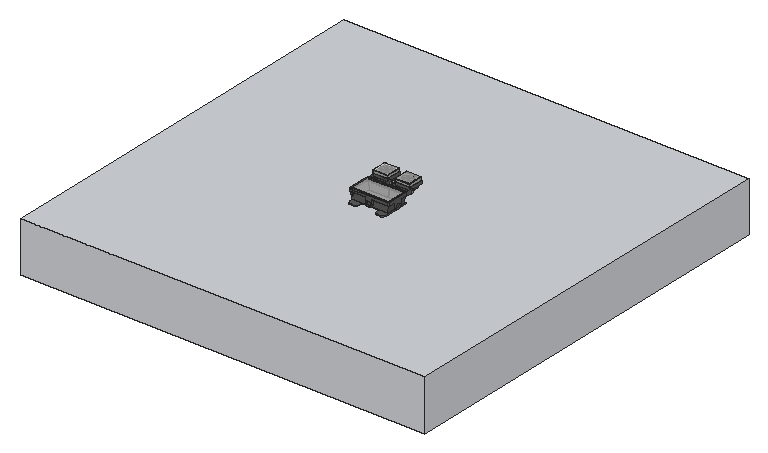
Revit family "Legrand Eclairage de Séurité_Bloc a Phare-SPOTLIGHT", category Luminaires, Revit 2021
Family settings
  Hôte = Face
  Cote de connecteur circulaire = Utiliser le diamètre
  Type d'élément = Normal
  Couper avec des vides une fois chargée = Non
  Source d'éclairage = Non
  Partagée = Non
  Repere pour localisation dans la piece = Non
Parameters (values of type "Spotlight Adressable 2500 lm 1H")
  état des accus = "Lithium-ion"
  source lumineuse = "LED non interchangeable"
  capacité des bornes = "1,5-2,5 mm2"
  URL = "https://www.legrand.fr/reference/660463/pro"
  Type de pictogramme = "autre"
  Type de connexion = "autre"
  Type de commutation = "Non permanent"
  Tension = "230 VAC"
  Temperature d'utilisation MIN-MAX = "0°C +35°C"
  Système de contrôle = "Auto-test automatique"
  Référence / Modèle = "662463"
  Puissance du système = 0.9 W
  Poids = ""
  Objet Connecté = no
  Mode de pose = "Montage en saillie (mur)"
  Matière = "Plastique"
  Longueur = 285.5 mm
  Long = 285.5 mm
  Largeur = 240 mm
  Large = 240 mm
  IP = "65"
  IK = "07"
  Hauteur = 93.5 mm
  Fréquence = "50/60 Hz"
  Fonction = "Éclairage d'évacuation et d'ambiance"
  Flux lumineux utile = 2500 lm
  Fabricant = "Legrand"
  Elévation par défaut = 2300 mm
  Description Produit = "BAP AVEC 2 PHARES A LEDS NON PERMANENT 2500LM 1H ADRESSABLE"
  Couleur = "Noir"
  Consommation en veille = 0 A
  Conditions Générale d'Utilisation = "https://export.legrand.com/CGU-objets-BIM"
  Code EAN = "3414972656085"
  Classe de protection = "II"
  Classe ETIM = "EC001957-Luminaire d'éclairage de sécurité"
  Batterie de rechange = "2 x 660977"
  Autonomie = "1 H"
  Alimentation de secours = "Autonome (batterie individuelle)"
  Adressable = yes
  2 phares 2500lm = yes
  2 phares 1500lm = no
  1 phare 1000lm = no
Types (9, lengths in mm): name | URL | Système de contrôle | Référence / Modèle | Puissance du système | Longueur | Long | Largeur | Large | Flux lumineux utile | Description Produit | Code EAN | Batterie de rechange | Autonomie | Adressable | 2 phares 2500lm | 2 phares 1500lm | 1 phare 1000lm
  (no name) | "https://www.legrand.fr/reference/660463/pro" | "Auto-test automatique" | "662463" | 0.9 W | 285.5 | 285.5 | 240 | 240 | 2500 lm | "BAP AVEC 2 PHARES A LEDS NON PERMANENT 2500LM 1H ADRESSABLE" | "3414972656085" | "2 x 660977" | "1 H" | yes | yes | no | no
  Spotlight Autotest 2500 lm 1H | "https://www.legrand.fr/reference/660463/pro" | "Auto-test automatique" | "660463" | 0.9 W | 285.5 | 285.5 | 240 | 240 | 2500 lm | "BAP AVEC 2 PHARES A LEDS NON PERMANENT 2500LM 1H AUTOTEST" | "3414972656030" | "2 x 660977" | "1 H" | no | yes | no | no
  Spotlight Autotest 1000 lm 1H | "https://www.legrand.fr/reference/660460/pro" | "Auto-test automatique" | "660460" | 0.7 W | 408.5 | 408.5 | 137 | 137 | 1000 lm | "BAP AVEC 1 PHARE A LEDS NON PERMANENT 1000LM 1H AUTOTEST" | "3414972656016" | "660976" | "1 H" | no | no | no | yes
  Spotlight Autotest 1500 lm 1H | "https://www.legrand.fr/reference/660462/pro" | "Auto-test automatique" | "660462" | 0.9 W | 285.5 | 285.5 | 240 | 240 | 1500 lm | "BAP AVEC 2 PHARES A LEDS NON PERMANENT 1500LM 1H AUTOTEST" | "3414972656023" | "1 x 660977" | "1 H" | no | no | yes | no
  Spotlight Autotest 1500 lm 2H | "https://www.legrand.fr/reference/660465/pro" | "Auto-test automatique" | "660465" | 0.9 W | 285.5 | 285.5 | 240 | 240 | 1500 lm | "BAP AVEC 2 PHARES A LEDS NON PERMANENT 1500LM 2H AUTOTEST" | "3414972656047" | "2 x 660977" | "2 H" | no | no | yes | no
  Spotlight Standard 1000 lm 1H | "https://www.legrand.fr/reference/661460/pro" | "Touche de contrôle" | "661460" | 0.7 W | 408.5 | 408.5 | 137 | 137 | 1000 lm | "BAP AVEC 1 PHARE A LEDS NON PERMANENT 1000LM 1H STANDARD" | "3414972656054" | "660976" | "1 H" | no | no | no | yes
  Spotlight Standard 1500 lm 1H | "https://www.legrand.fr/reference/661462/pro" | "Touche de contrôle" | "661462" | 0.9 W | 285.5 | 285.5 | 240 | 240 | 1500 lm | "BAP AVEC 2 PHARES A LEDS NON PERMANENT 1500LM 1H STANDARD" | "3414972656061" | "660977" | "1 H" | no | no | yes | no
  Spotlight Standard 2500 lm 1H | "https://www.legrand.fr/reference/661463/pro" | "Touche de contrôle" | "661463" | 0.9 W | 285.5 | 285.5 | 240 | 240 | 2500 lm | "BAP AVEC 2 PHARES A LEDS NON PERMANENT 2500LM 1H STANDARD" | "3414972656078" | "2 x 660977" | "1 H" | no | yes | no | no
  Spotlight Adressable 2500 lm 1H | "https://www.legrand.fr/reference/660463/pro" | "Auto-test automatique" | "662463" | 0.9 W | 285.5 | 285.5 | 240 | 240 | 2500 lm | "BAP AVEC 2 PHARES A LEDS NON PERMANENT 2500LM 1H ADRESSABLE" | "3414972656085" | "2 x 660977" | "1 H" | yes | yes | no | no
Reference planes
  plane 1 "Centre (avant/arrière)": y = 0
  plane 2 "Connecteur": z = 0
  plane 3 "Centre (gauche/droite)": x = 0
  plane 4: y = 142.75
  plane 5: y = -142.75
  plane 6: x = -120
  plane 7: x = 120
Forms (mm)
  Extrusion 1, solid
    sketch origin (0, 0, 0) x (1, 0, 0) y (0, 1, 0)
      loop
        line (-1219.2, 1219.2) -> (-1219.2, -1219.2) -> (1219.2, -1219.2) -> (1219.2, 1219.2) -> (-1219.2, 1219.2)
    from 0 to -304.8
  Extrusion 2, solid, material "LEGRAND - Plastique noir", visible <- "1 phare 1000lm"
    sketch origin (0, 0, 0) x (1, 0, 0) y (0, 1, 0)
      loop
        line (65.058, 89.327) -> (26.827, 89.327) -> (21.015, 115.516) -> (-21.015, 115.516) -> (-26.82, 89.327) -> (-65.058, 89.327) -> (-65.058, 45.28) -> (-58.5, 38.722) -> (-58.5, -23.048) -> (-51.942, -29.606) -> (-51.942, -89.488) -> (-58.5, -96.045) -> (-58.5, -157.983) -> (-65.058, -164.541) -> (-65.058, -194.25)
        arc (-65.058, -194.25) -> (-62.129, -201.321) -> (-55.058, -204.25) r 10
        line (-55.058, -204.25) -> (55.058, -204.25)
        arc (55.058, -204.25) -> (62.129, -201.321) -> (65.058, -194.25) r 10
        line (65.058, -194.25) -> (65.058, -164.541) -> (58.5, -157.983) -> (58.5, -96.045) -> (51.942, -89.488) -> (51.942, -29.606) -> (58.5, -23.048) -> (58.5, 38.722) -> (65.058, 45.28) -> (65.058, 89.327)
    from 0 to 1.498
  Extrusion 3, solid, material "LEGRAND - Plastique noir", visible <- "1 phare 1000lm"
    sketch origin (0, 0, 0) x (0, 1, 0) y (0, 0, 1)
      loop
        line (-89.488, 1.497) -> (-29.605, 1.497) -> (-29.605, 2.894)
        arc (-29.605, 2.894) -> (-30.777, 5.722) -> (-33.605, 6.894) r 4
        line (-33.605, 6.894) -> (-85.488, 6.894)
        arc (-85.488, 6.894) -> (-88.316, 5.722) -> (-89.488, 2.894) r 4
        line (-89.488, 2.894) -> (-89.488, 1.497)
    from -51.942 to -50.4
  Extrusion 4, solid, material "LEGRAND - Plastique noir", visible <- "1 phare 1000lm"
    sketch origin (0, 0, 0) x (0, 1, 0) y (0, 0, -1)
      loop
        line (-89.488, -1.497) -> (-89.488, -2.894)
        arc (-89.488, -2.894) -> (-88.316, -5.722) -> (-85.488, -6.894) r 4
        line (-85.488, -6.894) -> (-33.605, -6.894)
        arc (-33.605, -6.894) -> (-30.777, -5.722) -> (-29.605, -2.894) r 4
        line (-29.605, -2.894) -> (-29.605, -1.497) -> (-89.488, -1.497)
    from -51.942 to -50.4
  Extrusion 5, solid, material "LEGRAND - Plastique noir", visible <- "1 phare 1000lm"
    sketch origin (0, 0, 0) x (1, 0, 0) y (0, 0, 1)
      loop
        line (-65.058, 56.477) -> (-65.058, 0) -> (-39.058, 0) -> (-39.058, 41.496) -> (39.058, 41.496) -> (39.058, 0) -> (65.058, 0) -> (65.058, 56.477)
        arc (65.058, 56.477) -> (62.129, 63.548) -> (55.058, 66.477) r 10
        line (55.058, 66.477) -> (-55.058, 66.477)
        arc (-55.058, 66.477) -> (-62.129, 63.548) -> (-65.058, 56.477) r 10
    from -89.327 to -87.8
  Extrusion 6, solid, material "LEGRAND - Plastique noir 31", visible <- "2 phares 1500lm"
    sketch origin (0, 0, 0) x (1, 0, 0) y (0, 1, 0)
      loop
        arc (-15.001, 53.249) -> (-21.506, 51.504) -> (-26.265, 46.738) r 13
        line (-26.265, 46.738) -> (-40.948, 21.251) -> (-50.001, 21.251) -> (-50.001, 27.827) -> (-110.002, 27.827) -> (-110.002, -120.787) -> (-104.64, -135.514)
        arc (-104.64, -135.514) -> (-100.612, -140.761) -> (-94.304, -142.75) r 11
        line (-94.304, -142.75) -> (-69.705, -142.75)
        arc (-69.705, -142.75) -> (-63.396, -140.76) -> (-59.368, -135.511) r 11
        line (-59.368, -135.511) -> (-47.811, -103.746) -> (47.803, -103.746) -> (59.361, -135.511)
        arc (59.361, -135.511) -> (63.388, -140.76) -> (69.698, -142.75) r 11
        line (69.698, -142.75) -> (94.294, -142.75)
        arc (94.294, -142.75) -> (100.603, -140.761) -> (104.63, -135.514) r 11
        line (104.63, -135.514) -> (110, -120.766) -> (110, 27.827) -> (49.999, 27.827) -> (49.999, 21.251) -> (40.977, 21.251) -> (26.251, 46.75)
        arc (26.251, 46.75) -> (21.492, 51.508) -> (14.993, 53.249) r 13
        line (14.993, 53.249) -> (-15.001, 53.249)
    from 0 to 1.498
  Extrusion 7, solid, material "LEGRAND - Plastique noir 31", visible <- "2 phares 1500lm"
    sketch origin (0, 0, 0) x (1, 0, 0) y (0, 0, 1)
      loop
        line (19, 1.498) -> (19, 3.894)
        arc (19, 3.894) -> (18.121, 6.015) -> (16, 6.894) r 3
        line (16, 6.894) -> (-16, 6.894)
        arc (-16, 6.894) -> (-18.121, 6.015) -> (-19, 3.894) r 3
        line (-19, 3.894) -> (-19, 1.498) -> (19, 1.498)
    from 102.251 to 103.746
  Extrusion 8, solid, material "LEGRAND - Plastique noir 31", visible <- "2 phares 1500lm"
    sketch origin (0, 0, 0) x (1, 0, 0) y (0, 0, 1)
      loop
        line (19, 1.498) -> (19, 3.894)
        arc (19, 3.894) -> (18.121, 6.015) -> (16, 6.894) r 3
        line (16, 6.894) -> (-16, 6.894)
        arc (-16, 6.894) -> (-18.121, 6.015) -> (-19, 3.894) r 3
        line (-19, 3.894) -> (-19, 1.498) -> (19, 1.498)
    from -6.251 to -4.8
  Extrusion 9, solid, material "LEGRAND - Plastique noir 31", visible <- "2 phares 1500lm"
    sketch origin (0, 0, 0) x (1, 0, 0) y (0, 0, 1)
      loop
        line (-110.002, 1.498) -> (-50.001, 1.498) -> (-50.001, 15.498) -> (-59.49, 60.14)
        arc (-59.49, 60.14) -> (-62.28, 64.694) -> (-67.315, 66.477) r 8
        line (-67.315, 66.477) -> (-92.688, 66.477)
        arc (-92.688, 66.477) -> (-97.723, 64.694) -> (-100.513, 60.14) r 8
        line (-100.513, 60.14) -> (-110.002, 15.498) -> (-110.002, 1.498)
      loop
        line (110.002, 1.498) -> (110.002, 15.498) -> (100.513, 60.14)
        arc (100.513, 60.14) -> (97.723, 64.694) -> (92.688, 66.477) r 8
        line (92.688, 66.477) -> (67.315, 66.477)
        arc (67.315, 66.477) -> (62.28, 64.694) -> (59.49, 60.14) r 8
        line (59.49, 60.14) -> (50.001, 15.498) -> (50.001, 1.498) -> (110.002, 1.498)
    from -27.827 to -26.255
  Extrusion 10, solid, material "LEGRAND - Plastique noir 31", visible <- "2 phares 1500lm", not visible
    sketch origin (0, 0, 0) x (1, 0, 0) y (0, 1, 0)
      loop
        arc (-15.001, 53.249) -> (-21.506, 51.504) -> (-26.265, 46.738) r 13
        line (-26.265, 46.738) -> (-40.948, 21.251) -> (-50.001, 21.251) -> (-50.001, 27.827) -> (-110.002, 27.827) -> (-110.002, -120.787) -> (-104.64, -135.514)
        arc (-104.64, -135.514) -> (-100.612, -140.761) -> (-94.304, -142.75) r 11
        line (-94.304, -142.75) -> (-69.705, -142.75)
        arc (-69.705, -142.75) -> (-63.396, -140.76) -> (-59.368, -135.511) r 11
        line (-59.368, -135.511) -> (-47.811, -103.746) -> (47.803, -103.746) -> (59.361, -135.511)
        arc (59.361, -135.511) -> (63.388, -140.76) -> (69.698, -142.75) r 11
        line (69.698, -142.75) -> (94.294, -142.75)
        arc (94.294, -142.75) -> (100.603, -140.761) -> (104.63, -135.514) r 11
        line (104.63, -135.514) -> (110, -120.766) -> (110, 27.827) -> (49.999, 27.827) -> (49.999, 21.251) -> (40.977, 21.251) -> (26.251, 46.75)
        arc (26.251, 46.75) -> (21.492, 51.508) -> (14.993, 53.249) r 13
        line (14.993, 53.249) -> (-15.001, 53.249)
    from 0 to 1.498
  Extrusion 11, solid, material "LEGRAND - Plastique noir 31", visible <- "2 phares 1500lm", not visible
    sketch origin (0, 0, 0) x (1, 0, 0) y (0, 0, 1)
      loop
        line (19, 1.498) -> (19, 3.894)
        arc (19, 3.894) -> (18.121, 6.015) -> (16, 6.894) r 3
        line (16, 6.894) -> (-16, 6.894)
        arc (-16, 6.894) -> (-18.121, 6.015) -> (-19, 3.894) r 3
        line (-19, 3.894) -> (-19, 1.498) -> (19, 1.498)
    from 102.251 to 103.746
  Extrusion 12, solid, material "LEGRAND - Plastique noir 31", visible <- "2 phares 1500lm", not visible
    sketch origin (0, 0, 0) x (1, 0, 0) y (0, 0, 1)
      loop
        line (19, 1.498) -> (19, 3.894)
        arc (19, 3.894) -> (18.121, 6.015) -> (16, 6.894) r 3
        line (16, 6.894) -> (-16, 6.894)
        arc (-16, 6.894) -> (-18.121, 6.015) -> (-19, 3.894) r 3
        line (-19, 3.894) -> (-19, 1.498) -> (19, 1.498)
    from -6.251 to -4.8
  Extrusion 13, solid, material "LEGRAND - Plastique noir 31", visible <- "2 phares 1500lm", not visible
    sketch origin (0, 0, 0) x (1, 0, 0) y (0, 0, 1)
      loop
        line (-110.002, 1.498) -> (-50.001, 1.498) -> (-50.001, 15.498) -> (-59.49, 60.14)
        arc (-59.49, 60.14) -> (-62.28, 64.694) -> (-67.315, 66.477) r 8
        line (-67.315, 66.477) -> (-92.688, 66.477)
        arc (-92.688, 66.477) -> (-97.723, 64.694) -> (-100.513, 60.14) r 8
        line (-100.513, 60.14) -> (-110.002, 15.498) -> (-110.002, 1.498)
      loop
        line (110.002, 1.498) -> (110.002, 15.498) -> (100.513, 60.14)
        arc (100.513, 60.14) -> (97.723, 64.694) -> (92.688, 66.477) r 8
        line (92.688, 66.477) -> (67.315, 66.477)
        arc (67.315, 66.477) -> (62.28, 64.694) -> (59.49, 60.14) r 8
        line (59.49, 60.14) -> (50.001, 15.498) -> (50.001, 1.498) -> (110.002, 1.498)
    from -27.827 to -26.255
  Extrusion 14, solid, material "LEGRAND - Plastique noir", visible <- "1 phare 1000lm", not visible
    sketch origin (0, 0, 0) x (1, 0, 0) y (0, 1, 0)
      loop
        line (65.058, 89.327) -> (26.827, 89.327) -> (21.015, 115.516) -> (-21.015, 115.516) -> (-26.82, 89.327) -> (-65.058, 89.327) -> (-65.058, 45.28) -> (-58.5, 38.722) -> (-58.5, -23.048) -> (-51.942, -29.606) -> (-51.942, -89.488) -> (-58.5, -96.045) -> (-58.5, -157.983) -> (-65.058, -164.541) -> (-65.058, -194.25)
        arc (-65.058, -194.25) -> (-62.129, -201.321) -> (-55.058, -204.25) r 10
        line (-55.058, -204.25) -> (55.058, -204.25)
        arc (55.058, -204.25) -> (62.129, -201.321) -> (65.058, -194.25) r 10
        line (65.058, -194.25) -> (65.058, -164.541) -> (58.5, -157.983) -> (58.5, -96.045) -> (51.942, -89.488) -> (51.942, -29.606) -> (58.5, -23.048) -> (58.5, 38.722) -> (65.058, 45.28) -> (65.058, 89.327)
    from 0 to 1.498
  Extrusion 15, solid, material "LEGRAND - Plastique noir", visible <- "1 phare 1000lm", not visible
    sketch origin (0, 0, 0) x (0, 1, 0) y (0, 0, 1)
      loop
        line (-89.488, 1.497) -> (-29.605, 1.497) -> (-29.605, 2.894)
        arc (-29.605, 2.894) -> (-30.777, 5.722) -> (-33.605, 6.894) r 4
        line (-33.605, 6.894) -> (-85.488, 6.894)
        arc (-85.488, 6.894) -> (-88.316, 5.722) -> (-89.488, 2.894) r 4
        line (-89.488, 2.894) -> (-89.488, 1.497)
    from -51.942 to -50.4
  Extrusion 16, solid, material "LEGRAND - Plastique noir", visible <- "1 phare 1000lm", not visible
    sketch origin (0, 0, 0) x (0, 1, 0) y (0, 0, -1)
      loop
        line (-89.488, -1.497) -> (-89.488, -2.894)
        arc (-89.488, -2.894) -> (-88.316, -5.722) -> (-85.488, -6.894) r 4
        line (-85.488, -6.894) -> (-33.605, -6.894)
        arc (-33.605, -6.894) -> (-30.777, -5.722) -> (-29.605, -2.894) r 4
        line (-29.605, -2.894) -> (-29.605, -1.497) -> (-89.488, -1.497)
    from -51.942 to -50.4
  Extrusion 17, solid, material "LEGRAND - Plastique noir", visible <- "1 phare 1000lm", not visible
    sketch origin (0, 0, 0) x (1, 0, 0) y (0, 0, 1)
      loop
        line (-65.058, 56.477) -> (-65.058, 0) -> (-39.058, 0) -> (-39.058, 41.496) -> (39.058, 41.496) -> (39.058, 0) -> (65.058, 0) -> (65.058, 56.477)
        arc (65.058, 56.477) -> (62.129, 63.548) -> (55.058, 66.477) r 10
        line (55.058, 66.477) -> (-55.058, 66.477)
        arc (-55.058, 66.477) -> (-62.129, 63.548) -> (-65.058, 56.477) r 10
    from -89.327 to -87.8
  Extrusion 18, solid, material "LEGRAND - Plastique noir 31", visible <- "2 phares 2500lm"
    sketch origin (0, 0, 0) x (1, 0, 0) y (0, 1, 0)
      loop
        arc (-15.001, 53.249) -> (-21.506, 51.504) -> (-26.265, 46.738) r 13
        line (-26.265, 46.738) -> (-40.948, 21.251) -> (-50.001, 21.251) -> (-50.001, 27.827) -> (-110.002, 27.827) -> (-110.002, -120.787) -> (-104.64, -135.514)
        arc (-104.64, -135.514) -> (-100.612, -140.761) -> (-94.304, -142.75) r 11
        line (-94.304, -142.75) -> (-69.705, -142.75)
        arc (-69.705, -142.75) -> (-63.396, -140.76) -> (-59.368, -135.511) r 11
        line (-59.368, -135.511) -> (-47.811, -103.746) -> (47.803, -103.746) -> (59.361, -135.511)
        arc (59.361, -135.511) -> (63.388, -140.76) -> (69.698, -142.75) r 11
        line (69.698, -142.75) -> (94.294, -142.75)
        arc (94.294, -142.75) -> (100.603, -140.761) -> (104.63, -135.514) r 11
        line (104.63, -135.514) -> (110, -120.766) -> (110, 27.827) -> (49.999, 27.827) -> (49.999, 21.251) -> (40.977, 21.251) -> (26.251, 46.75)
        arc (26.251, 46.75) -> (21.492, 51.508) -> (14.993, 53.249) r 13
        line (14.993, 53.249) -> (-15.001, 53.249)
    from 0 to 1.498
Cuts and joins
  joined: Extrusion 2, Extrusion 3, Extrusion 4, Extrusion 5
  joined: Extrusion 7, Extrusion 9
Dimensions and locks
  equal spacing: plane 4, plane 1 "Centre (avant/arrière)", plane 5
  "Long": plane 4 to plane 5
  equal spacing: plane 6, plane 3 "Centre (gauche/droite)", plane 7
  "Large": plane 6 to plane 7
  aligned and locked: plane 2 "Connecteur" to Extrusion 1
  aligned and locked: level to Extrusion 1
Automatic sketch dimensions
  Extrusion 2 sketch curve to Extrusion 2 sketch curve = 6.558 mm  (x14)
  Extrusion 2 sketch curve to Extrusion 2 sketch curve = 5.812 mm
  Extrusion 2 sketch curve to Extrusion 2 sketch curve = 29.709 mm  (x2)
  Extrusion 2 sketch curve to Extrusion 2 sketch curve = 61.938 mm  (x2)
  Extrusion 2 sketch curve to Extrusion 2 sketch curve = 44.048 mm  (x2)
  Extrusion 2 sketch curve to Extrusion 2 sketch curve = 26.189 mm
  Extrusion 3 sketch curve to Extrusion 3 sketch curve = 4 mm  (x2)
  Extrusion 4 sketch curve to Extrusion 4 sketch curve = 4 mm  (x2)
  Extrusion 5 sketch curve to Extrusion 5 sketch curve = 26 mm  (x2)
  Extrusion 5 sketch curve to Extrusion 5 sketch curve = 41.496 mm  (x2)
  Extrusion 5 sketch curve to Extrusion 5 sketch curve = 14.981 mm
  Extrusion 5 sketch curve to Extrusion 5 sketch curve = 10 mm
  Extrusion 2 sketch curve to Extrusion 2 sketch curve = 0 mm
  Extrusion 2 sketch curve to Extrusion 2 sketch curve = 10 mm  (x2)
  Extrusion 2 sketch curve to Extrusion 2 sketch curve = 38.238 mm
  Extrusion 2 sketch curve to Extrusion 2 sketch curve = 5.805 mm
  Extrusion 2 sketch curve to Extrusion 2 sketch curve = 42.03 mm
  Extrusion 2 sketch curve to Extrusion 2 sketch curve = 103.885 mm
  Extrusion 2 sketch curve to Extrusion 2 sketch curve = 3.442 mm
  Extrusion 2 sketch curve to Extrusion 2 sketch curve = 59.882 mm  (x2)
  Extrusion 2 sketch curve to Extrusion 2 sketch curve = 61.77 mm  (x2)
  Extrusion 3 sketch curve to Extrusion 3 sketch curve = 51.883 mm
  Extrusion 3 sketch curve to Extrusion 3 sketch curve = 1.397 mm
  Extrusion 4 sketch curve to Extrusion 4 sketch curve = 51.883 mm
  Extrusion 4 sketch curve to Extrusion 4 sketch curve = 1.397 mm
  Extrusion 5 sketch curve to Extrusion 5 sketch curve = 78.115 mm
  Extrusion 5 sketch curve to Extrusion 5 sketch curve = 16 mm
  Extrusion 1 sketch curve to Extrusion 1 sketch curve = 2438.4 mm  (x2)
  Extrusion 6 sketch curve to Extrusion 6 sketch curve = 24.598 mm
  Extrusion 6 sketch curve to Extrusion 6 sketch curve = 11.558 mm  (x2)
  Extrusion 6 sketch curve to Extrusion 6 sketch curve = 9.053 mm
  Extrusion 6 sketch curve to Extrusion 6 sketch curve = 11.264 mm
  Extrusion 6 sketch curve to Extrusion 6 sketch curve = 11.257 mm
  Extrusion 6 sketch curve to Extrusion 6 sketch curve = 14.726 mm
  Extrusion 6 sketch curve to Extrusion 6 sketch curve = 9.022 mm
  Extrusion 6 sketch curve to Extrusion 6 sketch curve = 10.337 mm  (x2)
  Extrusion 6 sketch curve to Extrusion 6 sketch curve = 24.596 mm
  Extrusion 6 sketch curve to Extrusion 6 sketch curve = 14.727 mm
  Extrusion 6 sketch curve to Extrusion 6 sketch curve = 14.748 mm
  Extrusion 6 sketch curve to Extrusion 6 sketch curve = 6.576 mm  (x2)
  Extrusion 6 sketch curve to Extrusion 6 sketch curve = 18.997 mm
  Extrusion 6 sketch curve to Extrusion 6 sketch curve = 0 mm  (x3)
  Extrusion 6 sketch curve to Extrusion 6 sketch curve = 6.489 mm
  Extrusion 7 sketch curve to Extrusion 7 sketch curve = 3 mm  (x2)
  Extrusion 8 sketch curve to Extrusion 8 sketch curve = 3 mm  (x2)
  Extrusion 6 sketch curve to Extrusion 6 sketch curve = 31.765 mm
  Extrusion 9 sketch curve to Extrusion 9 sketch curve = 7.825 mm  (x4)
  Extrusion 9 sketch curve to Extrusion 9 sketch curve = 9.489 mm  (x4)
  Extrusion 9 sketch curve to Extrusion 9 sketch curve = 25.373 mm  (x2)
  Extrusion 9 sketch curve to Extrusion 9 sketch curve = 14 mm  (x4)
  Extrusion 9 sketch curve to Extrusion 9 sketch curve = 42.979 mm  (x2)
  Extrusion 9 sketch curve to Extrusion 9 sketch curve = 0 mm  (x3)
  Extrusion 9 sketch curve to Extrusion 9 sketch curve = 1.663 mm  (x2)
  Extrusion 6 sketch curve to Extrusion 6 sketch curve = 5.362 mm
  Extrusion 6 sketch curve to Extrusion 6 sketch curve = 10.336 mm  (x2)
  Extrusion 6 sketch curve to Extrusion 6 sketch curve = 60.002 mm
  Extrusion 6 sketch curve to Extrusion 6 sketch curve = 14.683 mm
  Extrusion 6 sketch curve to Extrusion 6 sketch curve = 29.994 mm
  Extrusion 6 sketch curve to Extrusion 6 sketch curve = 95.613 mm
  Extrusion 6 sketch curve to Extrusion 6 sketch curve = 60.001 mm
  Extrusion 6 sketch curve to Extrusion 6 sketch curve = 7.236 mm  (x2)
  Extrusion 6 sketch curve to Extrusion 6 sketch curve = 7.239 mm  (x2)
  Extrusion 6 sketch curve to Extrusion 6 sketch curve = 124.998 mm
  Extrusion 7 sketch curve to Extrusion 7 sketch curve = 32 mm
  Extrusion 7 sketch curve to Extrusion 7 sketch curve = 2.396 mm
  Extrusion 8 sketch curve to Extrusion 8 sketch curve = 32 mm
  Extrusion 8 sketch curve to Extrusion 8 sketch curve = 2.396 mm
  Extrusion 9 sketch curve to Extrusion 9 sketch curve = 100.001 mm
  Extrusion 10 sketch curve to Extrusion 10 sketch curve = 24.598 mm
  Extrusion 10 sketch curve to Extrusion 10 sketch curve = 11.558 mm  (x2)
  Extrusion 10 sketch curve to Extrusion 10 sketch curve = 9.053 mm
  Extrusion 10 sketch curve to Extrusion 10 sketch curve = 11.264 mm
  Extrusion 10 sketch curve to Extrusion 10 sketch curve = 11.257 mm
  Extrusion 10 sketch curve to Extrusion 10 sketch curve = 14.726 mm
  Extrusion 10 sketch curve to Extrusion 10 sketch curve = 9.022 mm
  Extrusion 10 sketch curve to Extrusion 10 sketch curve = 10.337 mm  (x2)
  Extrusion 10 sketch curve to Extrusion 10 sketch curve = 24.596 mm
  Extrusion 10 sketch curve to Extrusion 10 sketch curve = 14.727 mm
  Extrusion 10 sketch curve to Extrusion 10 sketch curve = 14.748 mm
  Extrusion 10 sketch curve to Extrusion 10 sketch curve = 6.576 mm  (x2)
  Extrusion 10 sketch curve to Extrusion 10 sketch curve = 18.997 mm
  Extrusion 10 sketch curve to Extrusion 10 sketch curve = 0 mm  (x3)
  Extrusion 10 sketch curve to Extrusion 10 sketch curve = 6.489 mm
  Extrusion 11 sketch curve to Extrusion 11 sketch curve = 3 mm  (x2)
  Extrusion 12 sketch curve to Extrusion 12 sketch curve = 3 mm  (x2)
  Extrusion 10 sketch curve to Extrusion 10 sketch curve = 31.765 mm
  Extrusion 13 sketch curve to Extrusion 13 sketch curve = 7.825 mm  (x4)
  Extrusion 13 sketch curve to Extrusion 13 sketch curve = 9.489 mm  (x4)
  Extrusion 13 sketch curve to Extrusion 13 sketch curve = 25.373 mm  (x2)
  Extrusion 13 sketch curve to Extrusion 13 sketch curve = 14 mm  (x4)
  Extrusion 13 sketch curve to Extrusion 13 sketch curve = 42.979 mm  (x2)
  Extrusion 13 sketch curve to Extrusion 13 sketch curve = 0 mm  (x3)
  Extrusion 13 sketch curve to Extrusion 13 sketch curve = 1.663 mm  (x2)
  Extrusion 10 sketch curve to Extrusion 10 sketch curve = 5.362 mm
  Extrusion 10 sketch curve to Extrusion 10 sketch curve = 10.336 mm  (x2)
  Extrusion 10 sketch curve to Extrusion 10 sketch curve = 60.002 mm
  Extrusion 10 sketch curve to Extrusion 10 sketch curve = 14.683 mm
  Extrusion 10 sketch curve to Extrusion 10 sketch curve = 29.994 mm
  Extrusion 10 sketch curve to Extrusion 10 sketch curve = 95.613 mm
  Extrusion 10 sketch curve to Extrusion 10 sketch curve = 60.001 mm
  Extrusion 10 sketch curve to Extrusion 10 sketch curve = 7.236 mm  (x2)
  Extrusion 10 sketch curve to Extrusion 10 sketch curve = 7.239 mm  (x2)
  Extrusion 10 sketch curve to Extrusion 10 sketch curve = 124.998 mm
  Extrusion 11 sketch curve to Extrusion 11 sketch curve = 32 mm
  Extrusion 11 sketch curve to Extrusion 11 sketch curve = 2.396 mm
  Extrusion 12 sketch curve to Extrusion 12 sketch curve = 32 mm
  Extrusion 12 sketch curve to Extrusion 12 sketch curve = 2.396 mm
  Extrusion 13 sketch curve to Extrusion 13 sketch curve = 100.001 mm
  Extrusion 14 sketch curve to Extrusion 14 sketch curve = 6.558 mm  (x14)
  Extrusion 14 sketch curve to Extrusion 14 sketch curve = 5.812 mm
  Extrusion 14 sketch curve to Extrusion 14 sketch curve = 29.709 mm  (x2)
  Extrusion 14 sketch curve to Extrusion 14 sketch curve = 61.938 mm  (x2)
  Extrusion 14 sketch curve to Extrusion 14 sketch curve = 44.048 mm  (x2)
  Extrusion 14 sketch curve to Extrusion 14 sketch curve = 26.189 mm
  Extrusion 15 sketch curve to Extrusion 15 sketch curve = 4 mm  (x2)
  Extrusion 16 sketch curve to Extrusion 16 sketch curve = 4 mm  (x2)
  Extrusion 17 sketch curve to Extrusion 17 sketch curve = 26 mm  (x2)
  Extrusion 17 sketch curve to Extrusion 17 sketch curve = 41.496 mm  (x2)
  Extrusion 17 sketch curve to Extrusion 17 sketch curve = 14.981 mm
  Extrusion 17 sketch curve to Extrusion 17 sketch curve = 10 mm
  Extrusion 14 sketch curve to Extrusion 14 sketch curve = 0 mm
  Extrusion 14 sketch curve to Extrusion 14 sketch curve = 10 mm  (x2)
  Extrusion 14 sketch curve to Extrusion 14 sketch curve = 38.238 mm
  Extrusion 14 sketch curve to Extrusion 14 sketch curve = 5.805 mm
  Extrusion 14 sketch curve to Extrusion 14 sketch curve = 42.03 mm
  Extrusion 14 sketch curve to Extrusion 14 sketch curve = 103.885 mm
  Extrusion 14 sketch curve to Extrusion 14 sketch curve = 3.442 mm
  Extrusion 14 sketch curve to Extrusion 14 sketch curve = 59.882 mm  (x2)
  Extrusion 14 sketch curve to Extrusion 14 sketch curve = 61.77 mm  (x2)
  Extrusion 15 sketch curve to Extrusion 15 sketch curve = 51.883 mm
  Extrusion 15 sketch curve to Extrusion 15 sketch curve = 1.397 mm
  Extrusion 16 sketch curve to Extrusion 16 sketch curve = 51.883 mm
  Extrusion 16 sketch curve to Extrusion 16 sketch curve = 1.397 mm
  Extrusion 17 sketch curve to Extrusion 17 sketch curve = 78.115 mm
  Extrusion 17 sketch curve to Extrusion 17 sketch curve = 16 mm
  Extrusion 18 sketch curve to Extrusion 18 sketch curve = 24.598 mm
  Extrusion 18 sketch curve to Extrusion 18 sketch curve = 11.558 mm  (x2)
  Extrusion 18 sketch curve to Extrusion 18 sketch curve = 9.053 mm
  Extrusion 18 sketch curve to Extrusion 18 sketch curve = 11.264 mm
  Extrusion 18 sketch curve to Extrusion 18 sketch curve = 11.257 mm
  Extrusion 18 sketch curve to Extrusion 18 sketch curve = 14.726 mm
  Extrusion 18 sketch curve to Extrusion 18 sketch curve = 9.022 mm
  Extrusion 18 sketch curve to Extrusion 18 sketch curve = 10.337 mm  (x2)
  Extrusion 18 sketch curve to Extrusion 18 sketch curve = 24.596 mm
  Extrusion 18 sketch curve to Extrusion 18 sketch curve = 14.727 mm
  Extrusion 18 sketch curve to Extrusion 18 sketch curve = 14.748 mm
  Extrusion 18 sketch curve to Extrusion 18 sketch curve = 6.576 mm  (x2)
  Extrusion 18 sketch curve to Extrusion 18 sketch curve = 18.997 mm
  Extrusion 18 sketch curve to Extrusion 18 sketch curve = 0 mm  (x3)
  Extrusion 18 sketch curve to Extrusion 18 sketch curve = 6.489 mm
  Extrusion 18 sketch curve to Extrusion 18 sketch curve = 31.765 mm
  Extrusion 18 sketch curve to Extrusion 18 sketch curve = 5.362 mm
  Extrusion 18 sketch curve to Extrusion 18 sketch curve = 10.336 mm  (x2)
  Extrusion 18 sketch curve to Extrusion 18 sketch curve = 60.002 mm
  Extrusion 18 sketch curve to Extrusion 18 sketch curve = 14.683 mm
  Extrusion 18 sketch curve to Extrusion 18 sketch curve = 29.994 mm
  Extrusion 18 sketch curve to Extrusion 18 sketch curve = 95.613 mm
  Extrusion 18 sketch curve to Extrusion 18 sketch curve = 60.001 mm
  Extrusion 18 sketch curve to Extrusion 18 sketch curve = 7.236 mm  (x2)
  Extrusion 18 sketch curve to Extrusion 18 sketch curve = 7.239 mm  (x2)
  Extrusion 18 sketch curve to Extrusion 18 sketch curve = 124.998 mm
  plane 5 to Extrusion 6 sketch curve = 0 mm
  plane 6 to Extrusion 6 sketch curve = 9.998 mm
  level to Extrusion 7 sketch curve = 3.894 mm
  Extrusion 7 sketch curve to plane 3 "Centre (gauche/droite)" = 19 mm
  level to Extrusion 8 sketch curve = 3.894 mm
  Extrusion 8 sketch curve to plane 3 "Centre (gauche/droite)" = 19 mm
  level to Extrusion 9 sketch curve = 1.498 mm
  plane 6 to Extrusion 9 sketch curve = 9.998 mm
  plane 5 to Extrusion 18 sketch curve = 0 mm
  Extrusion 18 sketch curve to plane 7 = 230.002 mm
Nested families
  nested 1: "Phare" at (0, 159.782, 36.3), visible <- "1 phare 1000lm", type "Phare 1000lm"
  nested 2: "Pas de picto" at (0, 0, 52.5) x (-1, 0, 0) z (0, -1, 0), type "Pas de picto"
  nested 3: "Bloc" at (0, -59.77, 6.894), visible <- "1 phare 1000lm", type "Bloc"
  nested 4: "Phare" at (-65.969, 98.282, 36.3), visible <- "2 phares 1500lm", type "Phare 750lm"
  nested 5: "Bloc" at (0, -48.751, 6.894) x (0, 1, 0) z (0, 0, 1), visible <- "2 phares 1500lm", type "Bloc"
  nested 6: "Phare" at (65.969, 98.282, 36.3) x (-1, 0, 0) z (0, 0, 1), visible <- "2 phares 1500lm", type "Phare 750lm"
  nested 7: "Phare" at (-65.969, 98.282, 36.3), visible <- "2 phares 2500lm", type "Phare 1250lm"
  nested 8: "Bloc" at (0, -48.751, 6.894) x (0, 1, 0) z (0, 0, 1), visible <- "2 phares 2500lm", type "Bloc"
  nested 9: "Phare" at (65.969, 98.282, 36.3) x (-1, 0, 0) z (0, 0, 1), visible <- "2 phares 2500lm", type "Phare 1250lm"
Connectors
  electrical at (0, 0, 0)
    settings: index 1, voltage 0 V, apparent load 0 VA, apparent load phase1 0 VA, apparent load phase2 0 VA, apparent load phase3 0 VA, power factor 1, load classification "Autre", number of poles 1, system type 31, power factor state 1, is connector primary yes, connector utility no, sub classification motor no, connector description ""
Definition of nested family "Phare"
  Parameters (values of type "Phare 1250lm")
    URL = ""
    built-in parameter 1150107 = 3200 (stored number, unit not read)
    Wattage = 9.2903 W
    built-in parameter 1150110 = 1 (stored number, unit not read)
    built-in parameter 1150109 = 1 (stored number, unit not read)
    built-in parameter 1114218 = 1 (stored number, unit not read)
    built-in parameter 1150113 = 1 (stored number, unit not read)
    built-in parameter 1150112 = 1 (stored number, unit not read)
    built-in parameter 1150137 = (empty or 0)
    built-in parameter 1150132 = (empty or 0)
    built-in parameter 1150105 = 109.82 (stored number, unit not read)
    built-in parameter 1150102 = (empty or 0)
    IDS_DESIGNATION_PRODUIT = ""
    Dimming Lamp Color Temperature Shift = (empty or 0)
    Lumens = 1380 lm
    Color Filter = 16777215
    Photometric Web File = "Spotlight 1250 Lm_LDT.ies"
    built-in parameter 1114217 = 1 (stored number, unit not read)
    built-in parameter 1150139 = (empty or 0)
    Manufacturer = "LEGRAND"
    Default Elevation = 0 mm
    built-in parameter 1150104 = 13.8 (stored number, unit not read)
    built-in parameter 1150106 = 1.0982 (stored number, unit not read)
    built-in parameter 1150115 = 1 (stored number, unit not read)
    built-in parameter 1150114 = 1 (stored number, unit not read)
    built-in parameter 1150138 = (empty or 0)
    built-in parameter 1150134 = 3
    Tilt Angle = -90.00°
    built-in parameter 1150133 = 10 (stored number, unit not read)
  Types (3, lengths in mm): name | Photometric Web File
    Phare 750lm | "Spotlight 750 Lm_LDT.ies"
    Phare 1000lm | "Spotlight 1000 Lm_LDT.ies"
    Phare 1250lm | "Spotlight 1250 Lm_LDT.ies"
  Reference planes
    plane 1 "Centre (avant/arrière)": y = 0
    plane 2: z = 0
    plane 3 "Centre (gauche/droite)": x = 0
    plane 4: z = 57.16
    plane 5: z = 37.672
    plane 6: z = 22.181
    plane 7: x = -44.472
    plane 8: x = 44.466
    plane 9: y = 44.468
    plane 10: y = -44.468
    plane 11: z = 55.16
    plane 12: x = 31.366
    plane 13: x = -31.366
    plane 14: y = -70.455
    plane 15: x = -59.962
    plane 16: x = 53.963
  Forms (mm)
    Extrusion 1, solid
      sketch origin (0, 0, 0) x (1, 0, 0) y (0, 1, 0)
        loop
          line (-44.472, 44.468) -> (-44.472, -44.468) -> (44.466, -44.468) -> (44.466, 44.468) -> (-44.472, 44.468)
      from 22.181 to 37.672
    Extrusion 2, solid
      sketch origin (0, 0, 0) x (1, 0, 0) y (0, 1, 0)
        loop
          line (-44.472, 44.468) -> (-44.472, -44.468) -> (44.466, -44.468) -> (44.466, 44.468) -> (-44.472, 44.468)
      from 55.16 to 57.16
    Extrusion 3, solid
      sketch origin (0, 0, 0) x (1, 0, 0) y (0, 1, 0)
        loop
          line (-37.472, 37.468) -> (-37.472, -37.468) -> (37.466, -37.468) -> (37.466, 37.468) -> (-37.472, 37.468)
      from 37.672 to 52.166
    Extrusion 4, solid
      sketch origin (0, 0, 0) x (1, 0, 0) y (0, 1, 0)
        loop
          line (-44.472, 44.468) -> (-44.472, -44.468) -> (44.466, -44.468) -> (44.466, 44.468) -> (-44.472, 44.468)
        loop
          line (42.466, 42.468) -> (-42.472, 42.468) -> (-42.472, -42.468) -> (42.466, -42.468) -> (42.466, 42.468)
      from 37.672 to 55.16
    Extrusion 5, solid
      sketch origin (0, 0, 0) x (1, 0, 0) y (0, 1, 0)
        loop
          circle (0, 22.622) r 13
        loop
          circle (-22.625, -0.003) r 13
        loop
          circle (0, -22.622) r 13
        loop
          circle (22.625, -0.003) r 13
      from 52.166 to 52.5
    Extrusion 6, solid
      sketch origin (0, 3.2, 0) x (0, 1, 0) y (0, 0, 1)
        loop
          line (-33.528, 22.181) -> (-33.528, 0) -> (31.371, 0) -> (31.371, 22.181) -> (-33.528, 22.181)
      from -31.366 to 31.224
    Extrusion 7, solid
      sketch origin (0, 0, 0) x (0, -1, 0) y (0, 0, -1)
        loop
          line (35.977, -30.177) -> (70.455, -30.177) -> (70.455, -5.196) -> (35.977, -5.196)
          arc (35.977, -5.196) -> (23.487, -17.687) -> (35.977, -30.177) r 12.49
      from 48.463 to 49.965
    Extrusion 8, solid
      sketch origin (0, 0, 0) x (0, -1, 0) y (0, 0, 1)
        loop
          arc (35.977, 30.177) -> (23.487, 17.687) -> (35.977, 5.196) r 12.49
          line (35.977, 5.196) -> (70.455, 5.196) -> (70.455, 30.177) -> (35.977, 30.177)
      from 48.463 to 49.965
    Extrusion 9, solid
      sketch origin (0, 1.495, 0) x (0, 1, 0) y (0, 0, 1)
        loop
          line (-70.455, 30.177) -> (-71.949, 30.177) -> (-71.949, 5.235) -> (-70.455, 5.235) -> (-70.455, 30.177)
      from -49.965 to 49.965
    Extrusion 10, solid
      sketch origin (0, 0, 0) x (0, 1, 0) y (0, 0, 1)
        loop
          line (-41.053, 17.683) -> (-41.053, 14.626) -> (-35.977, 11.896) -> (-30.901, 14.626) -> (-30.901, 17.683) -> (-30.901, 20.74) -> (-35.977, 23.471) -> (-41.053, 20.74) -> (-41.053, 17.683)
      from 44.254 to 53.963
    Extrusion 11, solid
      sketch origin (0, 0, 0) x (0, 1, 0) y (0, 0, -1)
        loop
          line (-41.053, -17.683) -> (-41.053, -20.74) -> (-35.977, -23.471) -> (-30.901, -20.74) -> (-30.901, -17.683) -> (-30.901, -14.626) -> (-35.977, -11.896) -> (-41.053, -14.626) -> (-41.053, -17.683)
      from 44.254 to 53.963
    Extrusion 12, solid
      sketch origin (0, 0, 0) x (1, 0, 0) y (0, 1, 0)
        loop
          line (-48.463, -42.468) -> (-48.463, -44.468) -> (48.463, -44.468) -> (48.463, -42.468) -> (-48.463, -42.468)
      from 22.181 to 37.672
  Cuts and joins
    joined: Extrusion 7, Extrusion 8, Extrusion 9
    joined: Extrusion 1, Extrusion 12
  Dimensions and locks
    plane 10 to plane 1 "Centre (avant/arrière)" to plane 9 = 44.468 mm, 44.468 mm
    plane 7 to plane 3 "Centre (gauche/droite)" to plane 8 = 44.472 mm, 44.466 mm
    aligned and locked: level to plane 2
Definition of nested family "Bloc"
  Parameters (values of type "Bloc")
    URL = "IDS_URL_EXPORT"
    IDS_TYPE_ACCESSOIRE = "IDS_BOITIER_PROTECTION"
    IDS_DESIGNATION_PRODUIT = "IDS_ACCESSOIRE_COFFRET_ETANCHE_IP65_POUR_BAES_U22RECT"
    Manufacturer = "LEGRAND"
    Default Elevation = 0 mm
  Reference planes
    plane 1 "Centre (avant/arrière)": y = 0
    plane 2: z = 0
    plane 3 "Centre (gauche/droite)": x = 0
  Forms (mm)
    Sweep 1, solid
      path origin (0, 0, 0) x (0, -1, 0) y (1, 0, 0)
        loop
          line (-112.868, 68.5) -> (-120, 61.368) -> (-120, -61.368) -> (-112.868, -68.5) -> (112.876, -68.5) -> (120, -61.376) -> (120, 61.376) -> (112.876, 68.5) -> (-112.868, 68.5)
      profile origin (68.5, -0.004, 0) x (1, 0, 0) y (0, 0, 1)
        loop
          line (-2, 60) -> (-2, 47.304) -> (-7.625, 47.304) -> (-7.625, 45.304) -> (0, 45.304) -> (0, 60) -> (-2, 60)
    Extrusion 2, solid
      sketch origin (0, 0, 0) x (0, -1, 0) y (1, 0, 0)
        loop
          line (-105.941, 59.5) -> (-108.342, 61.9)
          arc (-108.342, 61.9) -> (-112.24, 62.676) -> (-114.448, 59.371) r 3.577
          arc (-114.448, 59.371) -> (-114.176, 58.002) -> (-113.4, 56.842) r 3.577
          line (-113.4, 56.842) -> (-111, 54.441) -> (-111, -54.441) -> (-113.4, -56.842)
          arc (-113.4, -56.842) -> (-114.176, -58.002) -> (-114.448, -59.371) r 3.577
          arc (-114.448, -59.371) -> (-112.24, -62.676) -> (-108.342, -61.9) r 3.577
          line (-108.342, -61.9) -> (-105.941, -59.5) -> (105.941, -59.5) -> (108.342, -61.9)
          arc (108.342, -61.9) -> (112.24, -62.676) -> (114.448, -59.371) r 3.577
          arc (114.448, -59.371) -> (114.176, -58.002) -> (113.4, -56.842) r 3.577
          line (113.4, -56.842) -> (111, -54.441) -> (111, 54.441) -> (113.484, 56.925)
          arc (113.484, 56.925) -> (114.195, 58.053) -> (114.443, 59.363) r 3.577
          arc (114.443, 59.363) -> (112.235, 62.668) -> (108.335, 61.894) r 3.577
          line (108.335, 61.894) -> (105.941, 59.5) -> (-105.941, 59.5)
      from 54.647 to 60
    Extrusion 3, solid
      sketch origin (0.178, -0.178, 0) x (0, -1, 0) y (1, 0, 0)
        loop
          circle (-111.049, 59.193) r 2.577
      from 47.304 to 60.2
    Extrusion 4, solid
      sketch origin (0.17, 0.182, 0) x (0, 1, 0) y (-1, 0, 0)
        loop
          circle (-111.049, -59.193) r 2.577
      from 47.304 to 60.2
    Extrusion 5, solid
      sketch origin (-0.178, 0.178, 0) x (0, 1, 0) y (-1, 0, 0)
        loop
          circle (-111.049, 59.193) r 2.577
      from 47.304 to 60.2
    Extrusion 6, solid
      sketch origin (-0.178, -0.178, 0) x (0, -1, 0) y (1, 0, 0)
        loop
          circle (-111.049, -59.193) r 2.577
      from 47.304 to 60.2
    Extrusion 7, solid
      sketch origin (0, 0, 0) x (1, 0, 0) y (0, 0, 1)
        loop
          line (20, 20) -> (20, 45.304) -> (-20, 45.304) -> (-20, 20)
          arc (-20, 20) -> (0, 0) -> (20, 20) r 20
      from 107.725 to 120
    Extrusion 8, solid
      sketch origin (0, 0, 0) x (0, -1, 0) y (0, 0, 1)
        loop
          line (117.15, 47.304) -> (-117.15, 47.304) -> (-107.981, 0) -> (107.981, 0) -> (117.15, 47.304)
      from -60.875 to 60.875
    Extrusion 9, void
      sketch origin (0, 0, 0) x (0, -1, 0) y (0, 0, 1)
        loop
          line (-98.963, 2) -> (98.963, 2) -> (108, 50.429) -> (-108, 50.429) -> (-98.963, 2)
      from -58.5 to 58.5
    Extrusion 10, solid
      sketch origin (0, 0, 0) x (1, 0, 0) y (0, 0, -1)
        loop
          arc (20, -20) -> (0, 0) -> (-20, -20) r 20
          line (-20, -20) -> (-20, -45.304) -> (20, -45.304) -> (20, -20)
      from 107.725 to 120
    Extrusion 11, void
      sketch origin (0, 0, 0) x (1, 0, 0) y (0, 0, 1)
        loop
          circle (0, 20) r 13
      from 118 to 122.328
    Extrusion 12, void
      sketch origin (0, 0, 0) x (1, 0, 0) y (0, 0, -1)
        loop
          circle (0, -20) r 13
      from 118 to 122.328
    Extrusion 13, solid
      sketch origin (0, 0, 0) x (0, -1, 0) y (0, 0, 1)
        loop
          arc (-20, 20) -> (0, 0) -> (20, 20) r 20
          line (20, 20) -> (20, 45.304) -> (-20, 45.304) -> (-20, 20)
      from 60.875 to 68.5
    Extrusion 14, void
      sketch origin (0, 0, 0) x (0, -1, 0) y (0, 0, 1)
        loop
          circle (0, 20) r 13
      from 66.5 to 70.125
    Extrusion 15, solid
      sketch origin (0, 0, 0) x (0, -1, 0) y (0, 0, -1)
        loop
          line (-20, -20) -> (-20, -45.304) -> (20, -45.304) -> (20, -20)
          arc (20, -20) -> (0, 0) -> (-20, -20) r 20
      from 60.875 to 68.5
    Extrusion 16, void
      sketch origin (0, 0, 0) x (0, -1, 0) y (0, 0, -1)
        loop
          circle (0, -20) r 13
      from 66.5 to 70.125
  Cuts and joins
    Extrusion 12, Extrusion 16 cuts Sweep 1
    Extrusion 11, Extrusion 12, Extrusion 16 cuts Extrusion 7
    Extrusion 9, Extrusion 12, Extrusion 16 cuts Extrusion 8
    Extrusion 12, Extrusion 16 cuts Extrusion 10
    Extrusion 14, Extrusion 16 cuts Extrusion 13
    Extrusion 16 cuts Extrusion 15
    joined: Sweep 1, Extrusion 7, Extrusion 8, Extrusion 10, Extrusion 13, Extrusion 15
  Dimensions and locks
    cut or joined group 1 (Sweep 1, Extrusion 7, Extrusion 8, Extrusion 9, Extrusion 10, Extrusion 11, Extrusion 12, Extrusion 13, Extrusion 14, Extrusion 15, Extrusion 16) to cut or joined group 1 = 238 mm
    aligned and locked: level to plane 2
Definition of nested family "Pas de picto"
  Reference planes
    plane 1 "Centre (avant/arrière)": y = 0
    plane 2: z = 0
    plane 3 "Centre (gauche/droite)": x = 0
  Lines and regions (mm)
    Filled region 1, type "NOIR", in view "Niveau de réf."
      outline origin (0, 0, 0) x (1, 0, 0) y (0, 1, 0)
        loop
          line (103, 52.5) -> (-103, 52.5) -> (-103, -52.5) -> (103, -52.5) -> (103, 52.5)
        loop
          line (98, 47.5) -> (-98, 47.5) -> (-98, -47.5) -> (98, -47.5) -> (98, 47.5)
    model lines, in view "Niveau de réf."
      curve 1: line (103, -52.5, 0) -> (103, 52.5, 0)
      curve 2: line (103, 52.5, 0) -> (-103, 52.5, 0)
      curve 3: line (-103, 52.5, 0) -> (-103, -52.5, 0)
      curve 4: line (-103, -52.5, 0) -> (103, -52.5, 0)
    detail lines, in view "Niveau de réf."
      curve 5: line (98, 47.5, 0) -> (-98, 47.5, 0)
      curve 6: line (-98, 47.5, 0) -> (-98, -47.5, 0)
      curve 7: line (-98, -47.5, 0) -> (98, -47.5, 0)
      curve 8: line (98, -47.5, 0) -> (98, 47.5, 0)
